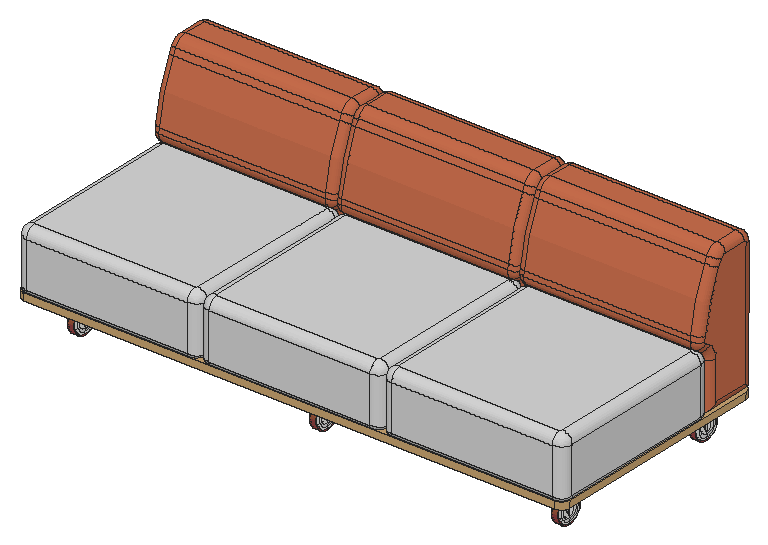
Revit family "DBLTD_TheSenatorGroup_OffcChrs_Mayze_Motion", category Furniture, Revit 2019
Family settings
  Work Plane-Based = No
  Always vertical = Yes
  Cut with Voids When Loaded = No
  Shared = Yes
  Room Calculation Point = No
Parameters (values of type "3 Seater Sofa")
  WoodStains = "n/a"
  WarrantyStartDate [instance] = "1900-12-31T23:59:59"
  WarrantyGuarantorParts = "sales@allermuir.com"
  WarrantyGuarantorLabor = "sales@allermuir.com"
  WarrantyDurationUnit = "year"
  WarrantyDurationParts = "5"
  WarrantyDurationLabor = "5"
  WarrantyDescription = "Allermuir warrants that its manufactured products are free from manufacturing defects - in materials or workmanship - for a period of five (5) years.\r\nAllermuir will repair, or replace (at Allermuir’s sole discretion) with comparable free of charge materials/ components, any product/ component which fails under normal use in a single shift environment, as a result of a defect in the materials and/or workmanship.\r\n\r\nExceptions -\r\nNon-standard product - 2 years\r\nScreen-mounted Accessories/ Dry-wipe Boards - 2 years\r\nElectrical and/or electronic componentry - 2 years\r\n\r\nExclusions - Allermuir does not warrant:\r\nFailure due to normal “Wear and Tear”.\r\nNatural variations in appearance of wood - its grain, figure and colour.\r\nChanges in surface appearance resulting from exposure to light, and the natural ageing process of wood.\r\nChanges in surface appearance resulting from the misuse of cleaning materials and methods/ damage form sharp objects/ imprinting from writing implements.\r\nNatural variations in Leather - its marks, scars and wrinkles.\r\nProduct stored/ exposed to extreme operational conditions.\r\nConsumable components such as Fuses/ Lights/ lamps/ transformers/etc.\r\nOther Manufacturer’s product supplied by Allermuir (their own warranty shall apply where possible).\r\nNon-standard fabrics/ finishes or veneers used. Allermuir only checks the manufacturing quality of Customer’s\r\nOwn Material (COM) and provides no warranty for the finish/ fabric itself.\r\nProduct which has not been installed/ moved/ reconfigured by Allermuir approved personnel.\r\nAllermuir shall be under no liability whatsoever for any consequential damage, loss or other expenses whether arising out of contract, negligence or otherwise."
  Version = "1"  # constant formula
  Uniclass2015Version = "Products v1.15"
  Uniclass2015Title = "Office chairs"
  Uniclass2015Code = "Pr_40_50_12_57"
  URL = "https://www.thesenatorgroup.com/"
  Type Comments = "3 Seater Sofa"
  TagNumber [instance] = "n/a"
  SustainabilityPerformance = "n/a"
  Style = "Chair"
  Status = "UNSET"
  Size = "705mm (h) x 2025mm (w) x 875mm (d)"
  Shape = "n/a"
  SerialNumber [instance] = "n/a"
  SeatingHeight = 388 mm
  SeatingBackCushionMaterial [instance] = TheSenatorGroup_Fabric_Orange
  SeatWidth = "675 mm"
  SeatOffet = 675 mm
  SeatMaterial [instance] = TheSenatorGroup_Fabric_Grey
  SeatFrameMaterial = TheSenatorGroup_Plywood_ClearFinish
  SeatDepth = "675 mm"
  Seat2Offset = 0 mm
  Revision = "n/a"
  ReplacementCost = "n/a"
  Reference = "n/a"
  ProductInformation = ""
  PlasticAndMetalFinish = "n/a"
  NominalWidth = 2025 mm
  NominalLength = 2025 mm
  NominalHeight = 705 mm  # constant formula
  NominalDepth = 875 mm  # constant formula
  Name = "OfficeChairs_Mayze_Motion_TheSenatorGroup"
  NBSReference = "45-35-20/330"
  NBSDescription = "Office chairs"
  NBSCertification = ""
  ModelReference = "3 Seater Sofa"
  ModelNumber = "MZE300C"
  Model = "MZE300C"
  Material = "Traditional carcass construction with tensioned seat support. 24mm Plywood Base."
  ManufacturerURL = "https://www.thesenatorgroup.com/"
  ManufacturerName = "The Senator Group"  # constant formula
  Manufacturer = "The Senator Group"
  MainColor = "n/a"
  LowestSeatingHeight = 0 mm
  Keynote = "Pr_40_50_12_57"
  IsBuiltIn = no
  Is3Seater = yes
  Is2Seater = yes
  InstallationDate [instance] = "1900-12-31T23:59:59"
  IfcExportType = "CHAIR"  # constant formula
  IfcExportAs = "IfcFurnitureType"  # constant formula
  HighestSeatingHeight = 0 mm
  Grade = "n/a"
  FrameFinish = "n/a"
  Finish = "Seat and Back Upholstered"
  Features = "The Mayze seating collection has gone mobile, available as single, two and three seats on castors. Engineered for commercial and public spaces that require flexibility."
  ExpectedLife = "5"
  DurationUnit = "year"
  Description = "3 Seater Sofa"
  Cost = 0
  Constituents = "n/a"
  Color = "Defined by Material Specified"
  CodePerformance = "n/a"
  Category = "Pr_40_50_12_57:Office chairs"
  BarCode [instance] = "n/a"
  BIMObjectName = "DBLTD_TheSenatorGroup_OfficeChairs_Mayze_Motion"
  Author = "Diane Butterworth Ltd"  # constant formula
  AssetType = "Movable"
  AssetIdentifier [instance] = "n/a"
  Assembly Code = "E2020200"
  AccessibilityPerformance = "n/a"
Types (4, lengths in mm): name | Type Comments | Size | SeatWidth | SeatOffet | Seat2Offset | NominalWidth | NominalLength | ModelReference | ModelNumber | Model | Is3Seater | Is2Seater | Description
  (no name) | "3 Seater Sofa" | "705mm (h) x 2025mm (w) x 875mm (d)" | "675 mm" | 675 | 0 | 2025 | 2025 | "3 Seater Sofa" | "MZE300C" | "MZE300C" | yes | yes | "3 Seater Sofa"
  Single Seater Sofa | "Single Seater Sofa" | "705mm (h) x 675mm (w) x 875mm (d)" | "675 mm" | 0 | 0 | 675 | 675 | "Single Seater Sofa" | "MZE100C" | "MZE100C" | no | no | "Single Seater Sofa"
  2 Seater Sofa | "2 Seater Sofa" | "705mm (h) x 1350mm (w) x 875mm (d)" | "1350 mm" | 337.5 | 337.5 | 1350 | 1350 | "2 Seater Sofa" | "MZE200C" | "MZE200C" | no | yes | "2 Seater Sofa"
  3 Seater Sofa | "3 Seater Sofa" | "705mm (h) x 2025mm (w) x 875mm (d)" | "675 mm" | 675 | 0 | 2025 | 2025 | "3 Seater Sofa" | "MZE300C" | "MZE300C" | yes | yes | "3 Seater Sofa"
Reference planes
  plane 1 "Center (Front/Back)": y = 0
  plane 2: z = 0
  plane 3 "Center (Left/Right)": x = 0
  plane 4 "Left": x = -1012.5
  plane 5 "Right": x = 1012.5
  plane 6 "Back": y = 437.5
  plane 7 "Front": y = -437.5
  plane 8: z = 171.966
  plane 9: z = 148
Forms (mm)
  Extrusion 1, solid, material "TheSenatorGroup_Plywood_ClearFinish" <- "SeatFrameMaterial"
    sketch origin (0, 0, 0) x (1, 0, 0) y (0, 1, 0)
      loop
        arc (-982.5, 437.5) -> (-1003.713, 428.713) -> (-1012.5, 407.5) r 30
        line (-1012.5, 407.5) -> (-1012.5, -407.5)
        arc (-1012.5, -407.5) -> (-1003.713, -428.713) -> (-982.5, -437.5) r 30
        line (-982.5, -437.5) -> (982.5, -437.5)
        arc (982.5, -437.5) -> (1003.713, -428.713) -> (1012.5, -407.5) r 30
        line (1012.5, -407.5) -> (1012.5, 407.5)
        arc (1012.5, 407.5) -> (1003.713, 428.713) -> (982.5, 437.5) r 30
        line (982.5, 437.5) -> (-982.5, 437.5)
    from 148 to 172
Dimensions and locks
  equal spacing: plane 4 "Left", plane 3 "Center (Left/Right)", plane 5 "Right"
  "NominalWidth": plane 4 "Left" to plane 5 "Right"
  equal spacing: plane 7 "Front", plane 1 "Center (Front/Back)", plane 6 "Back"
  "NominalDepth": plane 7 "Front" to plane 6 "Back"
  "SeatOffet": nested 2 to plane 3 "Center (Left/Right)"
  "Seat2Offset": plane 3 "Center (Left/Right)" to nested 4
  locked: nested 4 to nested 6 at 675
  aligned and locked: level to plane 2
  aligned and locked: nested 1 to plane 7 "Front"
  aligned and locked: plane 6 "Back" to nested 2
  aligned and locked: Extrusion 1 sketch curve to plane 6 "Back"
  aligned and locked: plane 4 "Left" to Extrusion 1 sketch curve
  aligned and locked: Extrusion 1 sketch curve to plane 7 "Front"
  aligned and locked: plane 5 "Right" to Extrusion 1 sketch curve
  aligned and locked: nested 1 to nested 2
  aligned and locked: nested 3 to nested 4
  aligned and locked: nested 5 to nested 6
  aligned and locked: plane 4 "Left" to nested 7
  aligned and locked: plane 5 "Right" to nested 8
  aligned and locked: plane 4 "Left" to nested 9
  aligned and locked: plane 5 "Right" to nested 10
  aligned and locked: plane 3 "Center (Left/Right)" to nested 12
  aligned and locked: plane 3 "Center (Left/Right)" to nested 11
Automatic sketch dimensions
  plane 4 "Left" to Extrusion 1 sketch curve = 30 mm  (x2)
  plane 5 "Right" to Extrusion 1 sketch curve = 30 mm  (x2)
Nested families
  nested 1: "DBLTD_TheSenatorGroup_OffcChrs_Mayze_Motion_SeatCushion" at (-675, -100, 0), SeatingSeatCushionMaterial <- "SeatMaterial", type "Seat Cushion"
    with SeatingSeatCushionMaterial TheSenatorGroup_Fabric_Grey
  nested 2: "DBLTD_TheSenatorGroup_OffcChrs_Mayze_Motion_BackCushion" at (-675, 12.5, 0), SeatingBackCushionMaterial <- "SeatingBackCushionMaterial", type "Corner Left"
    with SeatingBackCushionMaterial TheSenatorGroup_Fabric_Orange
  nested 3: "DBLTD_TheSenatorGroup_OffcChrs_Mayze_Motion_SeatCushion" at (0, -100, 0), SeatingSeatCushionMaterial <- "SeatMaterial", visible <- "Is2Seater", type "Seat Cushion"
    with SeatingSeatCushionMaterial TheSenatorGroup_Fabric_Grey
  nested 4: "DBLTD_TheSenatorGroup_OffcChrs_Mayze_Motion_BackCushion" at (0, 12.5, 0), SeatingBackCushionMaterial <- "SeatingBackCushionMaterial", visible <- "Is2Seater", type "Corner Left"
    with SeatingBackCushionMaterial TheSenatorGroup_Fabric_Orange
  nested 5: "DBLTD_TheSenatorGroup_OffcChrs_Mayze_Motion_SeatCushion" at (675, -100, 0), SeatingSeatCushionMaterial <- "SeatMaterial", visible <- "Is3Seater", type "Seat Cushion"
    with SeatingSeatCushionMaterial TheSenatorGroup_Fabric_Grey
  nested 6: "DBLTD_TheSenatorGroup_OffcChrs_Mayze_Motion_BackCushion" at (675, 12.5, 0), SeatingBackCushionMaterial <- "SeatingBackCushionMaterial", visible <- "Is3Seater", type "Corner Left"
    with SeatingBackCushionMaterial TheSenatorGroup_Fabric_Orange
  nested 7: "DBLTD_TheSenatorGroup_OffcChrs_Mayze_Motion_Castor" at (-895.5, -318.475, 0), type "DBLTD_TheSenatorGroup_OffcChrs_Mayze_Motion_Castor"
  nested 8: "DBLTD_TheSenatorGroup_OffcChrs_Mayze_Motion_Castor" at (895.5, -318.475, 0), type "DBLTD_TheSenatorGroup_OffcChrs_Mayze_Motion_Castor"
  nested 9: "DBLTD_TheSenatorGroup_OffcChrs_Mayze_Motion_Castor" at (-895.5, 316.412, 0), type "DBLTD_TheSenatorGroup_OffcChrs_Mayze_Motion_Castor"
  nested 10: "DBLTD_TheSenatorGroup_OffcChrs_Mayze_Motion_Castor" at (895.5, 316.412, 0), type "DBLTD_TheSenatorGroup_OffcChrs_Mayze_Motion_Castor"
  nested 11: "DBLTD_TheSenatorGroup_OffcChrs_Mayze_Motion_Castor" at (0, -318.475, 0), visible <- "Is3Seater", type "DBLTD_TheSenatorGroup_OffcChrs_Mayze_Motion_Castor"
  nested 12: "DBLTD_TheSenatorGroup_OffcChrs_Mayze_Motion_Castor" at (0, 316.412, 0), visible <- "Is3Seater", type "DBLTD_TheSenatorGroup_OffcChrs_Mayze_Motion_Castor"
Definition of nested family "DBLTD_TheSenatorGroup_OffcChrs_Mayze_Motion_SeatCushion"
  Parameters (values of type "Seat Cushion")
    SeatingSeatCushionMaterial [instance] = none
    Manufacturer = ""
    Description = ""
  Reference planes
    plane 1 "Center (Front/Back)": y = 0
    plane 2: z = 0
    plane 3 "Center (Left/Right)": x = 0
    plane 4 "Top": z = 860
    plane 5: z = 420
    plane 6: x = -337.5
    plane 7: x = 337.5
    plane 8: y = 337.5
    plane 9: y = -337.5
    plane 10: z = 172
  Forms (mm)
    Extrusion 1, solid, material <- "SeatingSeatCushionMaterial"
      sketch origin (0, 0, 0) x (1, 0, 0) y (0, 1, 0)
        loop
          arc (-297.5, 337.5) -> (-325.784, 325.784) -> (-337.5, 297.5) r 40
          line (-337.5, 297.5) -> (-337.5, -297.5)
          arc (-337.5, -297.5) -> (-325.784, -325.784) -> (-297.5, -337.5) r 40
          line (-297.5, -337.5) -> (297.5, -337.5)
          arc (297.5, -337.5) -> (325.784, -325.784) -> (337.5, -297.5) r 40
          line (337.5, -297.5) -> (337.5, 297.5)
          arc (337.5, 297.5) -> (325.784, 325.784) -> (297.5, 337.5) r 40
          line (297.5, 337.5) -> (-297.5, 337.5)
      from 172 to 388.327
    Sweep 2, void
      path in 3D
        loop
          arc (297.5, -337.5, 388.327) -> (325.784, -325.784, 388.327) -> (337.5, -297.5, 388.327) r 40
          line (337.5, -297.5, 388.327) -> (337.5, 297.5, 388.327)
          arc (337.5, 297.5, 388.327) -> (325.784, 325.784, 388.327) -> (297.5, 337.5, 388.327) r 40
          line (297.5, 337.5, 388.327) -> (-297.5, 337.5, 388.327)
          arc (-297.5, 337.5, 388.327) -> (-325.784, 325.784, 388.327) -> (-337.5, 297.5, 388.327) r 40
          line (-337.5, 297.5, 388.327) -> (-337.5, -297.5, 388.327)
          arc (-337.5, -297.5, 388.327) -> (-325.784, -325.784, 388.327) -> (-297.5, -337.5, 388.327) r 40
          line (-297.5, -337.5, 388.327) -> (297.5, -337.5, 388.327)
      profile origin (0, -337.5, 388.327) x (0, 1, 0) y (0, 0, 1)
        loop
          line (0, 0) -> (0, -35)
          arc (0, -35) -> (10.251, -10.251) -> (35, 0) r 35
          line (35, 0) -> (0, 0)
        loop
          line (0, -216.327) -> (10, -216.327)
          arc (10, -216.327) -> (2.929, -213.398) -> (0, -206.327) r 10
          line (0, -206.327) -> (0, -216.327)
  Cuts and joins
    Sweep 2 cuts Extrusion 1
  Lines and regions (mm)
    sketch lines
      curve 1: line (-297.5, -337.5, 388.327) -> (297.5, -337.5, 388.327)
      curve 2: line (-337.5, 297.5, 388.327) -> (-337.5, -297.5, 388.327)
      curve 3: arc (-337.5, 297.5, 388.327) -> (-325.784, 325.784, 388.327) -> (-297.5, 337.5, 388.327) r 40
      curve 4: line (297.5, 337.5, 388.327) -> (-297.5, 337.5, 388.327)
      curve 5: arc (297.5, 337.5, 388.327) -> (325.784, 325.784, 388.327) -> (337.5, 297.5, 388.327) r 40
      curve 6: line (337.5, -297.5, 388.327) -> (337.5, 297.5, 388.327)
      curve 7: arc (337.5, -297.5, 388.327) -> (325.784, -325.784, 388.327) -> (297.5, -337.5, 388.327) r 40
      curve 8: arc (-297.5, -337.5, 388.327) -> (-325.784, -325.784, 388.327) -> (-337.5, -297.5, 388.327) r 40
  Dimensions and locks
    equal spacing: plane 6, plane 3 "Center (Left/Right)", plane 7
    plane 6 to plane 7 = 675 mm
    equal spacing: plane 8, plane 1 "Center (Front/Back)", plane 9
    plane 8 to plane 9 = 675 mm
    plane 10 to level = 172 mm
    aligned and locked: level to plane 2
    aligned and locked: plane 6 to Extrusion 1 sketch curve
    aligned and locked: plane 7 to Extrusion 1 sketch curve
    aligned and locked: Extrusion 1 sketch curve to plane 8
    aligned and locked: plane 9 to Extrusion 1 sketch curve
  Automatic sketch dimensions
    plane 6 to Extrusion 1 sketch curve = 40 mm  (x2)
    plane 7 to Extrusion 1 sketch curve = 40 mm  (x2)
    Sweep 2 sketch curve to profile plane = 0 mm  (x3)
    Sweep 2 sketch curve to profile plane = 10 mm
    Sweep 2 sketch curve to profile plane = 35 mm
    Sweep 2 sketch curve to Sweep 2 sketch curve = 171.327 mm
Definition of nested family "DBLTD_TheSenatorGroup_OffcChrs_Mayze_Motion_BackCushion"
  Parameters (values of type "Corner Left")
    SeatingBackCushionMaterial [instance] = none
    Manufacturer = ""
    Description = ""
  Reference planes
    plane 1 "Center (Front/Back)": y = 0
    plane 2: z = 0
    plane 3 "Center (Left/Right)": x = 0
    plane 4 "Top": z = 860
    plane 5: z = 420
    plane 6: x = 337.5
    plane 7: x = -337.5
    plane 8: y = 425
    plane 9: z = 172
  Forms (mm)
    Extrusion 1, solid, material <- "SeatingBackCushionMaterial"
      sketch origin (0, -367.738, 0) x (0, 1, 0) y (0, 0, 1)
        loop
          arc (792.738, 665.748) -> (781.022, 694.033) -> (752.738, 705.748) r 40
          line (752.738, 705.748) -> (664.518, 705.748)
          arc (664.518, 705.748) -> (638.022, 698.151) -> (619.578, 677.667) r 50
          line (619.578, 677.667) -> (609.234, 656.459)
          arc (609.234, 656.459) -> (568.874, 553.707) -> (545.292, 445.861) r 695
          line (545.292, 445.861) -> (542.647, 426.498)
          arc (542.647, 426.498) -> (545.255, 407.743) -> (557.25, 393.091) r 35
          line (557.25, 393.091) -> (575.443, 380.351)
          arc (575.443, 380.351) -> (587.98, 366.055) -> (592.5, 347.585) r 40
          line (592.5, 347.585) -> (592.5, 172) -> (792.738, 172) -> (792.738, 665.748)
      from -337.5 to 337.5
    Sweep 2, void
      path in 3D
        loop
          line (-337.5, 425, 172) -> (-337.5, 224.762, 172) -> (-337.5, 224.762, 347.585)
          arc (-337.5, 224.762, 347.585) -> (-337.5, 220.242, 366.055) -> (-337.5, 207.705, 380.351) r 40
          line (-337.5, 207.705, 380.351) -> (-337.5, 189.512, 393.091)
          arc (-337.5, 189.512, 393.091) -> (-337.5, 177.517, 407.743) -> (-337.5, 174.909, 426.498) r 35
          line (-337.5, 174.909, 426.498) -> (-337.5, 177.554, 445.861)
          arc (-337.5, 177.554, 445.861) -> (-337.5, 201.136, 553.707) -> (-337.5, 241.496, 656.459) r 695
          line (-337.5, 241.496, 656.459) -> (-337.5, 251.84, 677.667)
          arc (-337.5, 251.84, 677.667) -> (-337.5, 270.284, 698.151) -> (-337.5, 296.78, 705.748) r 50
          line (-337.5, 296.78, 705.748) -> (-337.5, 385, 705.748)
          arc (-337.5, 385, 705.748) -> (-337.5, 413.284, 694.033) -> (-337.5, 425, 665.748) r 40
          line (-337.5, 425, 665.748) -> (-337.5, 425, 172)
      profile origin (-337.5, 425, 418.874) x (-1, 0, 0) y (0, -1, 0)
        loop
          line (0, 0) -> (0, 30)
          arc (0, 30) -> (-8.787, 8.787) -> (-30, 0) r 30
          line (-30, 0) -> (0, 0)
    Sweep 3, void
      path in 3D
        loop
          arc (337.5, 425, 665.748) -> (337.5, 413.284, 694.033) -> (337.5, 385, 705.748) r 40
          line (337.5, 385, 705.748) -> (337.5, 296.78, 705.748)
          arc (337.5, 296.78, 705.748) -> (337.5, 270.284, 698.151) -> (337.5, 251.84, 677.667) r 50
          line (337.5, 251.84, 677.667) -> (337.5, 241.496, 656.459)
          arc (337.5, 241.496, 656.459) -> (337.5, 201.136, 553.707) -> (337.5, 177.554, 445.861) r 695
          line (337.5, 177.554, 445.861) -> (337.5, 174.909, 426.498)
          arc (337.5, 174.909, 426.498) -> (337.5, 177.517, 407.743) -> (337.5, 189.512, 393.091) r 35
          line (337.5, 189.512, 393.091) -> (337.5, 207.705, 380.351)
          arc (337.5, 207.705, 380.351) -> (337.5, 220.242, 366.055) -> (337.5, 224.762, 347.585) r 40
          line (337.5, 224.762, 347.585) -> (337.5, 224.762, 172) -> (337.5, 425, 172) -> (337.5, 425, 665.748)
      profile origin (337.5, 425, 418.874) x (0, -1, 0) y (1, 0, 0)
        loop
          line (0, 0) -> (0, -30)
          arc (0, -30) -> (8.787, -8.787) -> (30, 0) r 30
          line (30, 0) -> (0, 0)
  Cuts and joins
    Sweep 2, Sweep 3 cuts Extrusion 1
  Lines and regions (mm)
    sketch lines
      curve 1: line (-337.5, 425, 665.748) -> (-337.5, 425, 172)
      curve 2: arc (-337.5, 425, 665.748) -> (-337.5, 413.284, 694.033) -> (-337.5, 385, 705.748) r 40
      curve 3: line (-337.5, 296.78, 705.748) -> (-337.5, 385, 705.748)
      curve 4: arc (-337.5, 296.78, 705.748) -> (-337.5, 270.284, 698.151) -> (-337.5, 251.84, 677.667) r 50
      curve 5: arc (-337.5, 241.496, 656.459) -> (-337.5, 201.136, 553.707) -> (-337.5, 177.554, 445.861) r 695
      curve 6: line (-337.5, 241.496, 656.459) -> (-337.5, 251.84, 677.667)
      curve 7: arc (-337.5, 174.909, 426.498) -> (-337.5, 177.517, 407.743) -> (-337.5, 189.512, 393.091) r 35
      curve 8: line (-337.5, 174.909, 426.498) -> (-337.5, 177.554, 445.861)
      curve 9: line (-337.5, 207.705, 380.351) -> (-337.5, 189.512, 393.091)
      curve 10: arc (-337.5, 207.705, 380.351) -> (-337.5, 220.242, 366.055) -> (-337.5, 224.762, 347.585) r 40
      curve 11: line (-337.5, 224.762, 172) -> (-337.5, 224.762, 347.585)
      curve 12: line (-337.5, 425, 172) -> (-337.5, 224.762, 172)
      curve 13: line (337.5, 425, 172) -> (337.5, 425, 665.748)
      curve 14: arc (337.5, 385, 705.748) -> (337.5, 413.284, 694.033) -> (337.5, 425, 665.748) r 40
      curve 15: line (337.5, 385, 705.748) -> (337.5, 296.78, 705.748)
      curve 16: arc (337.5, 251.84, 677.667) -> (337.5, 270.284, 698.151) -> (337.5, 296.78, 705.748) r 50
      curve 17: arc (337.5, 177.554, 445.861) -> (337.5, 201.136, 553.707) -> (337.5, 241.496, 656.459) r 695
      curve 18: line (337.5, 251.84, 677.667) -> (337.5, 241.496, 656.459)
      curve 19: line (337.5, 177.554, 445.861) -> (337.5, 174.909, 426.498)
      curve 20: line (337.5, 189.512, 393.091) -> (337.5, 207.705, 380.351)
      curve 21: arc (337.5, 189.512, 393.091) -> (337.5, 177.517, 407.743) -> (337.5, 174.909, 426.498) r 35
      curve 22: arc (337.5, 224.762, 347.585) -> (337.5, 220.242, 366.055) -> (337.5, 207.705, 380.351) r 40
      curve 23: line (337.5, 224.762, 347.585) -> (337.5, 224.762, 172)
      curve 24: line (337.5, 224.762, 172) -> (337.5, 425, 172)
  Dimensions and locks
    plane 9 to plane 2 = 172 mm
    equal spacing: plane 7, plane 3 "Center (Left/Right)", plane 6
    plane 7 to plane 6 = 675 mm
    aligned and locked: level to plane 2
    aligned and locked: Extrusion 1 to plane 7
    aligned and locked: plane 6 to Extrusion 1
  Automatic sketch dimensions
    Extrusion 1 sketch curve to plane 9 = 0 mm
    Extrusion 1 sketch curve to plane 8 = 0 mm
    Extrusion 1 sketch curve to plane 8 = 40 mm
    Extrusion 1 sketch curve to Extrusion 1 sketch curve = 88.22 mm
    Extrusion 1 sketch curve to Extrusion 1 sketch curve = 44.94 mm
    Extrusion 1 sketch curve to Extrusion 1 sketch curve = 10.344 mm
    Extrusion 1 sketch curve to plane 8 = 200.238 mm
    plane 5 to Extrusion 1 sketch curve = 1.761 mm
    Extrusion 1 sketch curve to Extrusion 1 sketch curve = 15.175 mm
    Extrusion 1 sketch curve to plane 5 = 39.649 mm
    Extrusion 1 sketch curve to Extrusion 1 sketch curve = 17.057 mm
    Extrusion 1 sketch curve to plane 5 = 26.909 mm
    Extrusion 1 sketch curve to Extrusion 1 sketch curve = 18.193 mm
    Extrusion 1 sketch curve to Extrusion 1 sketch curve = 40 mm
    plane 5 to Extrusion 1 sketch curve = 25.861 mm
    Extrusion 1 sketch curve to Extrusion 1 sketch curve = 32.033 mm
    plane 5 to Extrusion 1 sketch curve = 6.498 mm
    Extrusion 1 sketch curve to plane 5 = 68.209 mm
    plane 8 to Extrusion 1 sketch curve = 441.158 mm
    Extrusion 1 sketch curve to Extrusion 1 sketch curve = 0.711 mm
    Extrusion 1 sketch curve to Extrusion 1 sketch curve = 10 mm
    Sweep 2 sketch curve to profile plane = 0 mm  (x2)
    Sweep 2 sketch curve to Sweep 2 sketch curve = 30 mm
    Sweep 3 sketch curve to profile plane = 0 mm  (x2)
    Sweep 3 sketch curve to Sweep 3 sketch curve = 30 mm
Definition of nested family "DBLTD_TheSenatorGroup_OffcChrs_Mayze_Motion_Castor"
  Reference planes
    plane 1 "Center (Front/Back)": y = 0
    plane 2: z = 0
    plane 3 "Center (Left/Right)": x = 0
    plane 4: z = 80
    plane 5: z = 148
    plane 6: z = 131.289
    plane 7: x = -117
    plane 8: x = 117
  Forms (mm)
    Extrusion 1, solid
      sketch origin (9.5, 0, 0) x (0, 0, 1) y (0, -1, 0)
        loop
          line (119.995, -123.91) -> (119.995, -117.747) -> (111.137, -109.126) -> (117.871, -26.109) -> (117.871, 14.477) -> (108.715, 14.477) -> (96.903, -56.575) -> (102.589, -103.95) -> (117.95, -119.311) -> (117.95, -123.91) -> (119.995, -123.91)
      from -26.63 to 7.63
    Extrusion 2, solid
      sketch origin (0, 0, 68.8) x (0, 1, 0) y (-1, 0, 0)
        loop
          arc (48.835, 36.865) -> (48.249, 38.28) -> (46.835, 38.865) r 2
          line (46.835, 38.865) -> (-46.835, 38.865)
          arc (-46.835, 38.865) -> (-48.249, 38.28) -> (-48.835, 36.865) r 2
          line (-48.835, 36.865) -> (-48.835, -36.804)
          arc (-48.835, -36.804) -> (-48.249, -38.219) -> (-46.835, -38.804) r 2
          line (-46.835, -38.804) -> (46.835, -38.804)
          arc (46.835, -38.804) -> (48.249, -38.219) -> (48.835, -36.804) r 2
          line (48.835, -36.804) -> (48.835, 36.865)
      from 74.044 to 79.2
    Revolve 3, solid
      sketch origin (0, 0, 0) x (0, 0, 1) y (0, -1, 0)
        loop
          line (142.844, 0) -> (117.871, 0) -> (117.871, -13.635) -> (124.836, -13.635) -> (124.836, -30) -> (131.289, -30) -> (131.289, -13.635) -> (137, -13.635) -> (137, -41.695) -> (142.844, -41.695) -> (142.844, 0)
        axis (117.871, 0) -> (142.844, 0)
      angle from 0 to 360
    Extrusion 4, solid
      sketch origin (0, 36.254, 68.8) x (0, -1, 0) y (1, 0, 0)
        loop
          line (17.05, 23.671) -> (3.639, 17.13) -> (-15, 17.13) -> (-15, 15.13) -> (4.101, 15.13) -> (18.118, 21.967)
          arc (18.118, 21.967) -> (63.481, 0) -> (18.118, -21.967) r 28
          line (18.118, -21.967) -> (4.101, -15.13) -> (-15, -15.13) -> (-15, -17.13) -> (3.639, -17.13) -> (17.051, -23.671)
          arc (17.051, -23.671) -> (65.481, 0) -> (17.05, 23.671) r 30
      from -68.8 to 53.963
    Extrusion 5, void
      sketch origin (9.5, 35, 19) x (0, 0, 1) y (0, -1, 0)
        loop
          arc (18.534, 5.305) -> (15.492, -6.05) -> (25.351, -12.453) r 10
          line (25.351, -12.453) -> (97.446, -8.674) -> (98.871, 8.891) -> (98.871, 70.361) -> (18.534, 5.305)
        loop
          line (107.333, 75) -> (-19, 75) -> (-19, -25) -> (107.333, -25) -> (107.333, 75)
      from -118.066 to 47.38
    Revolve 6, solid
      sketch origin (-73.124, 38.5, 12.702) x (1, 0, 0) y (0, 0, 1)
        loop
          arc (86.303, 85.387) -> (85.731, 86.768) -> (84.35, 87.34) r 1.953
          line (84.35, 87.34) -> (61.897, 87.34)
          arc (61.897, 87.34) -> (60.517, 86.768) -> (59.945, 85.387) r 1.953
          line (59.945, 85.387) -> (59.945, 75.673) -> (57.994, 65.637) -> (57.994, 39.798) -> (88.254, 39.798) -> (88.254, 65.637) -> (86.303, 75.673) -> (86.303, 85.387)
        axis (57.994, 37.298) -> (88.254, 37.298)
      angle from 0 to 360
  Cuts and joins
    Extrusion 5 cuts Extrusion 4
  Lines and regions (mm)
    symbolic lines
      curve 1: line (9.5, 59.586, 50) -> (9.5, 14.586, 50)
      curve 2: line (9.5, 38.5, 71.086) -> (9.5, 38.5, 28.914)
  Dimensions and locks
    plane 5 to level = 148 mm
    aligned and locked: level to plane 2
